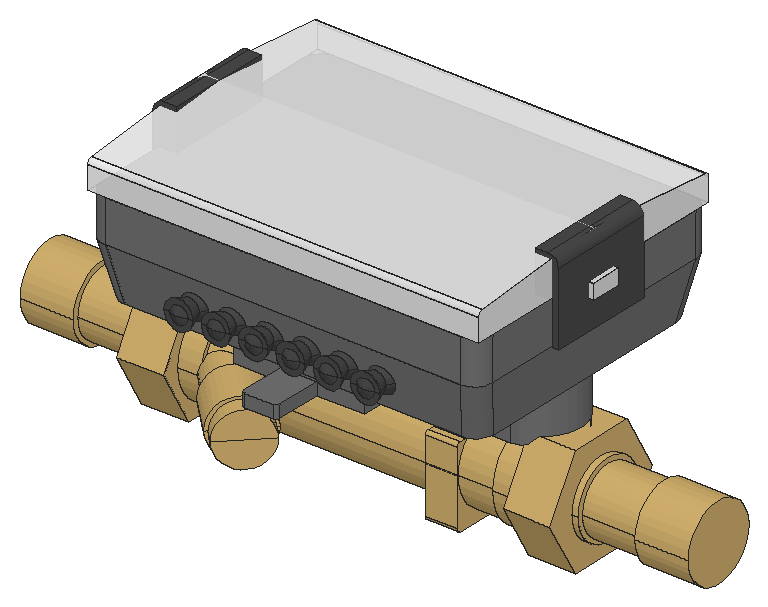
Revit family "SonoSensor30_DN15-DN20_RFA", category Pipe Accessories, Revit 2017
Family settings
  Round Connector Dimension = Use Diameter
  Part Type = Valve - Breaks Into
  Work Plane-Based = No
  Always vertical = Yes
  Cut with Voids When Loaded = No
  Shared = No
Parameters (values of type "SonoSensor30_DN15_G3/4_110mm")
  Weight = 0.80 kg
  URL = "https://store.danfoss.com/en/Climate-Solutions-for-heating/Energy-Meters/Flow-sensors/SonoSensor/c/6959"
  Pressure Drop [instance] = 0.0 Pa
  Operation Pressure = "PN16"  # constant formula
  Nominal Flow = "0.6m3/h, 1.5m3/h"
  Model Type = "SonoSensor30_DN15_G3/4_110mm"
  Model = "SonoSensor30"  # constant formula
  Max Flow = "1.2m3/h, 3.0m3/h"
  Manufacturer = "Danfoss"  # constant formula
  Lnut = 13.2 mm
  LOD 350 = not(LOD 200)  # yes
  LOD 200 = no
  L9 = 80.6 mm
  L8 = 9 mm
  L7 = 75.8 mm
  L3 = 49.2 mm
  L6 = 8 mm
  L5 = 15 mm
  L4 = 14 mm
  L2-1 = 48.8 mm
  L2 = 188 mm
  L10 = 49.2 mm
  L1-1 = 15.8 mm
  L1 = 122 mm
  L-1 = 9.8 mm
  L = 110 mm
  IfcExportType = "SonoSensor30"  # constant formula
  IfcExportAs = "IfcValveType"  # constant formula
  H1 = 28 mm
  H = 67 mm
  Flow [instance] = 0.0 L/s
  Description = "Flow Meter"  # constant formula
  D5 = 31 mm
  D4 = 18.5 mm
  D3 = 21 mm
  D2 = 26.3 mm
  D1 = 25 mm
  D = 15 mm
  Body Material = Danfoss Brass
  A_H = 41.2 mm
  A = 45.00°
Types (4, lengths in mm): name | Weight | Nominal Flow | Model Type | Max Flow | L9 | L8 | L7 | L3 | L6 | L5 | L4 | L2-1 | L2 | L10 | L1-1 | L1 | L-1 | L | D5 | D4 | D3 | D2 | D1 | D | A_H
  (no name) | 0.80 kg | "0.6m3/h, 1.5m3/h" | "SonoSensor30_DN15_G3/4_110mm" | "1.2m3/h, 3.0m3/h" | 80.6 | 9 | 75.8 | 49.2 | 8 | 15 | 14 | 48.8 | 188 | 49.2 | 15.8 | 122 | 9.8 | 110 | 31 | 18.5 | 21 | 26.3 | 25 | 15 | 41.2
  SonoSensor30_DN15_G3/4_110mm | 0.80 kg | "0.6m3/h, 1.5m3/h" | "SonoSensor30_DN15_G3/4_110mm" | "1.2m3/h, 3.0m3/h" | 80.6 | 9 | 75.8 | 49.2 | 8 | 15 | 14 | 48.8 | 188 | 49.2 | 15.8 | 122 | 9.8 | 110 | 31 | 18.5 | 21 | 26.3 | 25 | 15 | 41.2
  SonoSensor30_DN20_G1_130mm | 0.90 kg | "2.5 m3/h" | "SonoSensor30_DN20_G1_130mm" | "5.0m3/h" | 77 | 9.7 | 95.5 | 61 | 9 | 17 | 15 | 52 | 222 | 61 | 13.5 | 145 | 6 | 130 | 36 | 23.5 | 26 | 33.3 | 30 | 20 | 42.8
  SonoSensor30_DN20_G1_190mm | 1.00 kg | "2.5 m3/h" | "SonoSensor30_DN20_G1_190mm" | "5.0m3/h" | 130 | 9.7 | 147.2 | 83.7 | 9 | 17 | 17 | 57.3 | 282 | 103.4 | 18.8 | 205 | 11.3 | 190 | 36 | 23.5 | 26 | 33.3 | 31 | 20 | 42.8
Reference planes
  plane 1 "Center (Front/Back)": y = 0
  plane 2: z = 0
  plane 3 "Center (Left/Right)": x = 0
  plane 4 "A": x = -15.8
  plane 5 "B": x = 106.2
  plane 6: z = -12.5
  plane 7 "Ref-1": z = 12.5
  plane 8: y = -12.5
  plane 9: y = 12.5
  plane 10: x = 4.2
  plane 11: y = 0
  plane 12: y = -15.5
  plane 13: y = 15.5
  plane 14: z = -15.5
  plane 15: z = 15.5
  plane 16: z = 67
  plane 17: z = 28
  plane 18: x = -48.8
  plane 19: through (0, 0, 1200) normal (0.7071, 0.7071, 0)
  plane 20: x = -2.6
  plane 21: x = 93
  plane 22: x = 86.2
  plane 23: x = 139.2
  plane 24: x = -9.8
  plane 25: x = 100.2
  plane 26: x = -33.8
  plane 27: x = 124.2
  plane 28: x = -17.8
  plane 29: x = 108.2
  plane 30: through (0, 0, 1200) normal (-0.7071, 0.7071, 0)
  plane 31: x = 49.2
  plane 32: x = 8.9
  plane 33: x = 89.5
  plane 34: x = 75.8
  plane 35: x = 66.8
  plane 36: x = 49.2
Forms (mm)
  Extrusion 1, solid, material "Danfoss Brass" <- "Body Material", detail levels fine
    sketch origin (0, 0, 0) x (0, 1, 0) y (0, 0, 1)
      loop
        circle (0, 0) r 12.5
    from 4.2 to 86.2
  Extrusion 2, solid, material "Danfoss Brass" <- "Body Material", detail levels fine
    sketch origin (-15.8, 0, 0) x (0, 1, 0) y (0, 0, 1)
      loop
        line (-8.949, 15.5) -> (-17.898, 0) -> (-8.949, -15.5) -> (8.949, -15.5) -> (17.898, 0) -> (8.949, 15.5) -> (-8.949, 15.5)
    from 0 to 13.2 <- "Lnut"
  Extrusion 3, solid, material "Danfoss Brass" <- "Body Material", detail levels fine
    sketch origin (106.2, 0, 0) x (0, 1, 0) y (0, 0, 1)
      loop
        line (-8.949, 15.5) -> (-17.898, 0) -> (-8.949, -15.5) -> (8.949, -15.5) -> (17.898, 0) -> (8.949, 15.5) -> (-8.949, 15.5)
    from 0 to -13.2
  Extrusion 4, solid, material "Danfoss Brass" <- "Body Material", visible <- "LOD 350", detail levels fine
    sketch origin (0, 0, 0) x (0, 1, 0) y (0, 0, 1)
      loop
        circle (0, 0) r 13.15
    from -9.8 to 4.2
  Extrusion 5, solid, material "Danfoss Brass" <- "Body Material", visible <- "LOD 350", detail levels fine
    sketch origin (0, 0, 0) x (0, 1, 0) y (0, 0, 1)
      loop
        circle (0, 0) r 13.15
    from 86.2 to 100.2
  Extrusion 6, solid, material "Danfoss Brass" <- "Body Material", detail levels fine
    sketch origin (0, 0, 0) x (0, 1, 0) y (0, 0, 1)
      loop
        circle (0, 0) r 10.5
    from -48.8 to -33.8
  Extrusion 7, solid, material "Danfoss Brass" <- "Body Material", detail levels fine
    sketch origin (0, 0, 0) x (0, 1, 0) y (0, 0, 1)
      loop
        circle (0, 0) r 9.25
    from -33.8 to -17.8
  Extrusion 8, solid, material "Danfoss Brass" <- "Body Material", visible <- "LOD 350", detail levels fine
    sketch origin (0, 0, 0) x (0, 1, 0) y (0, 0, 1)
      loop
        circle (0, 0) r 10.5
    from -17.8 to -9.8
  Extrusion 9, solid, material "Danfoss Brass" <- "Body Material", detail levels fine
    sketch origin (0, 0, 0) x (0, 1, 0) y (0, 0, -1)
      loop
        circle (0, 0) r 10.5
    from -139.2 to -124.2
  Extrusion 10, solid, material "Danfoss Brass" <- "Body Material", detail levels fine
    sketch origin (0, 0, 0) x (0, 1, 0) y (0, 0, -1)
      loop
        circle (0, 0) r 9.25
    from -124.2 to -108.2
  Extrusion 11, solid, material "Danfoss Brass" <- "Body Material", visible <- "LOD 350", detail levels fine
    sketch origin (0, 0, 0) x (0, 1, 0) y (0, 0, -1)
      loop
        circle (0, 0) r 10.5
    from -108.2 to -100.2
  Revolve 12, solid, material "Danfoss Brass" <- "Body Material", visible <- "LOD 350", detail levels fine
    sketch origin (0, 0, 0) x (1, 0, 0) y (0, 1, 0)
      loop
        line (0, 0) -> (29.133, -29.133) -> (34.436, -23.829) -> (30.901, -20.294) -> (31.466, -19.728) -> (21.213, -9.475) -> (20.365, -10.324) -> (5.02, 5.02) -> (0, 0)
      axis (0, 0) -> (29.133, -29.133)
    angle from 0 to 360
  Extrusion 13, solid, material "Danfoss Plastic Dark Gray", detail levels fine
    sketch origin (0, 0, 0) x (1, 0, 0) y (0, 1, 0)
      loop
        arc (8.9, 11) -> (-2.1, 0) -> (8.9, -11) r 11
        line (8.9, -11) -> (89.5, -11)
        arc (89.5, -11) -> (100.5, 0) -> (89.5, 11) r 11
        line (89.5, 11) -> (8.9, 11)
    from 12.5 to 28
  Extrusion 14, solid, material "Danfoss Brass" <- "Body Material", visible <- "LOD 350", detail levels fine
    sketch origin (0, 0, 0) x (0, 1, 0) y (0, 0, 1)
      loop
        arc (-11.5, 8.053) -> (-12.207, 7.76) -> (-12.5, 7.053) r 1
        line (-12.5, 7.053) -> (-12.5, -13.5)
        arc (-12.5, -13.5) -> (-12.207, -14.207) -> (-11.5, -14.5) r 1
        line (-11.5, -14.5) -> (11.5, -14.5)
        arc (11.5, -14.5) -> (12.207, -14.207) -> (12.5, -13.5) r 1
        line (12.5, -13.5) -> (12.5, 7.053)
        arc (12.5, 7.053) -> (12.207, 7.76) -> (11.5, 8.053) r 1
        line (11.5, 8.053) -> (-11.5, 8.053)
    from 66.8 to 75.8
  Extrusion 15, solid, material "Danfoss Brass" <- "Body Material", visible <- "LOD 200", detail levels fine
    sketch origin (0, 0, 0) x (0, 1, 0) y (0, 0, 1)
      loop
        circle (0, 0) r 12.5
    from -17.8 to 108.2
  Revolve 16, solid, material "Danfoss Brass" <- "Body Material", visible <- "LOD 200", detail levels fine
    sketch origin (0, 0, 0) x (1, 0, 0) y (0, 1, 0)
      loop
        line (0, 0) -> (29.133, -29.133) -> (35.002, -23.264) -> (5.869, 5.869) -> (0, 0)
      axis (0, 0) -> (29.133, -29.133)
    angle from 0 to 360
Cuts and joins
  joined: Extrusion 1, Extrusion 2, Extrusion 3
Dimensions and locks
  equal spacing: plane 7 "Ref-1", level, plane 6
  "L1": plane 5 "B" to plane 4 "A"
  "D1": plane 7 "Ref-1" to plane 6
  equal spacing: plane 8, plane 1 "Center (Front/Back)", plane 9
  "D1": plane 8 to plane 9
  "H": plane 16 to level
  equal spacing: plane 12, plane 1 "Center (Front/Back)", plane 13
  equal spacing: plane 15, level, plane 14
  "D5": plane 15 to plane 14
  "D5": plane 12 to plane 13
  "H1": plane 17 to level
  "Lnut": plane 20 to plane 4 "A"
  "Lnut": plane 5 "B" to plane 21
  "L2-1": plane 3 "Center (Left/Right)" to plane 18
  "L1-1": plane 3 "Center (Left/Right)" to plane 4 "A"
  "L": plane 25 to plane 24
  "L-1": plane 3 "Center (Left/Right)" to plane 24
  "L2": plane 23 to plane 18
  "L5": plane 26 to plane 18
  "L5": plane 23 to plane 27
  "L6": plane 24 to plane 28
  "L6": plane 29 to plane 25
  "L4": plane 10 to plane 24
  "L4": plane 25 to plane 22
  locked: Revolve 12 sketch curve to plane 19 at 7.1
  "A_H": plane 30 to Revolve 12 sketch curve
  locked: Revolve 12 sketch curve to Revolve 12 sketch curve at 5
  locked: Revolve 12 sketch curve to Revolve 12 sketch curve at 14.5
  locked: Revolve 12 sketch curve to Revolve 12 sketch curve at 1.2
  locked: plane 19 to Revolve 12 sketch curve at 7.5
  "L3": plane 31 to plane 3 "Center (Left/Right)"
  equal spacing: plane 32, plane 31, plane 33
  "L9": plane 32 to plane 33
  equal spacing: Extrusion 13 sketch curve, plane 11, Extrusion 13 sketch curve
  Extrusion 13 sketch curve to Extrusion 13 sketch curve = 22 mm
  "L7": plane 34 to plane 3 "Center (Left/Right)"
  "L8": plane 34 to plane 35
  Extrusion 14 sketch curve to plane 2 = 8.053 mm
  equal spacing: Extrusion 3 sketch curve, plane 11, Extrusion 3 sketch curve  (x2)
  equal spacing: Extrusion 2 sketch curve, plane 11, Extrusion 2 sketch curve  (x2)
  Extrusion 14 sketch curve to plane 14 = 1 mm
  "D5": Extrusion 3 sketch curve to Extrusion 3 sketch curve
  "D5": Extrusion 2 sketch curve to Extrusion 2 sketch curve
  "L10": plane 36 to plane 3 "Center (Left/Right)"
  locked: Revolve 16 sketch curve to plane 19 at 8.3
  "A_H": plane 30 to Revolve 16 sketch curve
  "D1": diameter of Extrusion 1 sketch curve
  "D2": diameter of Extrusion 4 sketch curve
  "D2": diameter of Extrusion 5 sketch curve
  "D3": diameter of Extrusion 6 sketch curve
  "D4": diameter of Extrusion 7 sketch curve
  "D3": diameter of Extrusion 8 sketch curve
  "D3": diameter of Extrusion 9 sketch curve
  "D4": diameter of Extrusion 10 sketch curve
  "D3": diameter of Extrusion 11 sketch curve
  radius of Extrusion 13 sketch curve = 11 mm  (x2)
  radius of Extrusion 14 sketch curve = 1 mm  (x4)
  "D1": diameter of Extrusion 15 sketch curve
  "A": angle plane 19 to plane 11
  angle Extrusion 3 sketch curve to Extrusion 3 sketch curve = 120.00°  (x6)
  angle Extrusion 2 sketch curve to plane 15 = 120.00°
  angle Extrusion 2 sketch curve to Extrusion 2 sketch curve = 120.00°  (x4)
  locked: plane 19 to plane 30 (angle 90.00°)
  aligned and locked: level to plane 2
  aligned and locked: plane 10 to Extrusion 4
  aligned and locked: Extrusion 1 to plane 10
  aligned and locked: Extrusion 5 to plane 22
  aligned and locked: Extrusion 1 to Extrusion 4
  aligned and locked: plane 22 to Extrusion 1
  aligned and locked: Extrusion 6 to plane 18
  aligned and locked: plane 26 to Extrusion 6
  aligned and locked: Extrusion 7 to plane 26
  aligned and locked: plane 28 to Extrusion 7
  aligned and locked: Extrusion 8 to plane 28
  aligned and locked: plane 24 to Extrusion 8
  aligned and locked: Extrusion 4 to plane 24
  aligned and locked: plane 23 to Extrusion 9
  aligned and locked: Extrusion 9 to plane 27
  aligned and locked: plane 27 to Extrusion 10
  aligned and locked: Extrusion 10 to plane 29
  aligned and locked: plane 29 to Extrusion 11
  aligned and locked: Extrusion 11 to plane 25
  aligned and locked: Revolve 12 sketch curve to plane 30
  aligned and locked: Revolve 12 sketch curve to plane 19
  aligned and locked: Revolve 12 sketch curve to Revolve 12 sketch curve  (x2)
  aligned and locked: Extrusion 13 to plane 7 "Ref-1"
  aligned and locked: plane 25 to Extrusion 5
  aligned and locked: plane 17 to Extrusion 13
  aligned and locked: plane 11 to nested 1
  aligned and locked: Extrusion 2 sketch curve to plane 15
  aligned and locked: Extrusion 2 sketch curve to plane 14
  aligned and locked: plane 34 to Extrusion 14
  aligned and locked: Extrusion 14 to plane 35
  aligned and locked: Extrusion 15 to plane 28
  aligned and locked: plane 29 to Extrusion 15
  aligned and locked: Revolve 16 sketch curve to Revolve 16 sketch curve  (x2)
  aligned and locked: Revolve 16 sketch curve to plane 19
  aligned and locked: Revolve 16 sketch curve to plane 30
  aligned and locked: plane 36 to nested 1
  aligned and locked: plane 11 to nested 2
  aligned and locked: plane 17 to nested 1
  aligned and locked: plane 18 to nested 2
Automatic sketch dimensions
  Extrusion 13 sketch curve to plane 32 = 0 mm
  Extrusion 13 sketch curve to plane 33 = 0 mm
  Extrusion 13 sketch curve to Extrusion 13 sketch curve = 0 mm  (x2)
  Extrusion 14 sketch curve to plane 8 = 0 mm
  Extrusion 14 sketch curve to plane 9 = 0 mm
  Extrusion 1 sketch curve to level = 0 mm
  Extrusion 1 sketch curve to plane 1 "Center (Front/Back)" = 0 mm
  Extrusion 2 sketch curve to level = 0 mm
  Extrusion 3 sketch curve to level = 0 mm
  Extrusion 3 sketch curve to plane 15 = 0 mm
  Extrusion 3 sketch curve to plane 14 = 0 mm
  Extrusion 4 sketch curve to level = 0 mm
  Extrusion 4 sketch curve to plane 1 "Center (Front/Back)" = 0 mm
  Extrusion 5 sketch curve to level = 0 mm
  Extrusion 5 sketch curve to plane 1 "Center (Front/Back)" = 0 mm
  Extrusion 6 sketch curve to level = 0 mm
  Extrusion 6 sketch curve to plane 1 "Center (Front/Back)" = 0 mm
  Extrusion 7 sketch curve to level = 0 mm
  Extrusion 7 sketch curve to plane 1 "Center (Front/Back)" = 0 mm
  Extrusion 8 sketch curve to level = 0 mm
  Extrusion 8 sketch curve to plane 1 "Center (Front/Back)" = 0 mm
  Extrusion 9 sketch curve to level = 0 mm
  Extrusion 9 sketch curve to plane 1 "Center (Front/Back)" = 0 mm
  Extrusion 10 sketch curve to level = 0 mm
  Extrusion 10 sketch curve to plane 1 "Center (Front/Back)" = 0 mm
  Extrusion 11 sketch curve to level = 0 mm
  Extrusion 11 sketch curve to plane 1 "Center (Front/Back)" = 0 mm
  Revolve 12 sketch curve to Revolve 12 sketch curve = 5 mm
  Extrusion 15 sketch curve to level = 0 mm
  Extrusion 15 sketch curve to plane 1 "Center (Front/Back)" = 0 mm
  Revolve 16 sketch curve to Revolve 16 sketch curve = 5 mm
Nested families
  nested 1: "SonoSensor30_body" at (0, 0, 0), type "SonoSensor30", detail levels fine
  nested 2: "Schematic_Flow Meter" at (45.2, 0, 0), type "Schematic_Flow Meter", detail levels coarse+medium
Connectors
  piping at (139.2, 0, 0), diameter 15, driven by "D", driven by "Flow"
    settings: on Extrusion 9, index 1, connector inside diameter 609.6 mm, connector length 0 mm, flow factor 0, pipe flow 0.0 L/s, pressure drop 0.0 Pa, fitting loss kfactor 0, connector angle 0.00°, fixture units 0, engagement length 0 mm, angle of deflection 0.00°, flow configuration 0, flow direction 0, fitting loss method 0, system type 29, joint type 0, gender type 0, connector reference index 2, connector utility 0, adjustable connector no, is connector primary yes, connector description ""
  piping at (-48.8, 0, 0), diameter 15, driven by "D", driven by "Flow"
    settings: on Extrusion 6, index 2, connector inside diameter 609.6 mm, connector length 0 mm, flow factor 0, pipe flow 0.0 L/s, pressure drop 0.0 Pa, fitting loss kfactor 0, connector angle 0.00°, fixture units 0, engagement length 0 mm, angle of deflection 0.00°, flow configuration 0, flow direction 0, fitting loss method 0, system type 29, joint type 0, gender type 0, connector reference index 1, connector utility 0, adjustable connector no, is connector primary no, connector description ""
Definition of nested family "SonoSensor30_body"
  Parameters (values of type "SonoSensor30")
    W = 89.5 mm
    URL = ""
    Model Type = "SonoSensor30"  # constant formula
    Model = ""
    Manufacturer = "Danfoss"  # constant formula
    LOD 350 = not(LOD 200)  # yes
    LOD 200 = no
    L1 = 49.2 mm
    L = 117 mm
    IfcExportType = "SonoSensor30"  # constant formula
    IfcExportAs = "IfcValveType"  # constant formula
    H1 = 28 mm
    H = 67 mm
    Description = "Flow Meter"  # constant formula
  Reference planes
    plane 1 "Center (Front/Back)": y = 0
    plane 2: z = 0
    plane 3 "Center (Left/Right)": x = 0
    plane 4: y = 0
    plane 5 "Ref-4": z = 67
    plane 6 "Ref-1": z = 28
    plane 7: x = 49.2
    plane 8 "Ref-2": z = 43.5
    plane 9: x = -9.3
    plane 10: x = 107.7
    plane 11: x = -3.2
    plane 12: x = 101.6
    plane 13: x = -5.8
    plane 14: x = 104.2
    plane 15: x = -7.8
    plane 16: x = 106.2
    plane 17: y = -40.5
    plane 18: y = 40.5
    plane 19: y = -37
    plane 20: y = 37
    plane 21: z = 55.5
    plane 22: z = 63.2
    plane 23: x = 22.93
    plane 24: x = 75.43
    plane 25 "Ref-3": z = 36
    plane 26 "Ref-5": z = 65
    plane 27: y = -18.5
    plane 28: x = 46.6
    plane 29: x = 74.2
    plane 30: x = 24.2
    plane 31: y = 25.5
    plane 32: y = -49
    plane 33: z = 22.5
  Forms (mm)
    Blend 1, solid, visible <- "LOD 350"
      base sketch origin (0, 0, 28) x (-1, 0, 0) y (0, -1, 0)
        loop
          arc (-1.8, -37) -> (1.736, -35.536) -> (3.2, -32) r 5
          line (3.2, -32) -> (3.2, 32)
          arc (3.2, 32) -> (1.736, 35.536) -> (-1.8, 37) r 5
          line (-1.8, 37) -> (-96.6, 37)
          arc (-96.6, 37) -> (-100.136, 35.536) -> (-101.6, 32) r 5
          line (-101.6, 32) -> (-101.6, -32)
          arc (-101.6, -32) -> (-100.136, -35.536) -> (-96.6, -37) r 5
          line (-96.6, -37) -> (-1.8, -37)
      top sketch origin (0, 0, 28) x (-1, 0, 0) y (0, -1, 0)
        loop
          arc (0.8, -40.5) -> (4.336, -39.036) -> (5.8, -35.5) r 5
          line (5.8, -35.5) -> (5.8, 35.5)
          arc (5.8, 35.5) -> (4.336, 39.036) -> (0.8, 40.5) r 5
          line (0.8, 40.5) -> (-99.2, 40.5)
          arc (-99.2, 40.5) -> (-102.736, 39.036) -> (-104.2, 35.5) r 5
          line (-104.2, 35.5) -> (-104.2, -35.9)
          arc (-104.2, -35.9) -> (-102.853, -39.153) -> (-99.6, -40.5) r 4.6
          line (-99.6, -40.5) -> (0.8, -40.5)
      from 0 to 15.5
    Extrusion 2, solid, visible <- "LOD 350"
      sketch origin (0, 0, 0) x (0, 1, 0) y (0, 0, 1)
        loop
          line (-40.5, 55.5) -> (40.5, 55.5) -> (40.5, 61.954)
          arc (40.5, 61.954) -> (40.152, 62.914) -> (39.271, 63.429) r 1.5
          arc (39.271, 63.429) -> (0, 67) -> (-39.271, 63.429) r 217.722
          arc (-39.271, 63.429) -> (-40.152, 62.914) -> (-40.5, 61.954) r 1.5
          line (-40.5, 61.954) -> (-40.5, 55.5)
      from -5.8 to 104.2
    Extrusion 3, solid, visible <- "LOD 350"
      sketch origin (0, 0, 43.5) x (-1, 0, 0) y (0, -1, 0)
        loop
          arc (0.8, -40.5) -> (4.336, -39.036) -> (5.8, -35.5) r 5
          line (5.8, -35.5) -> (5.8, 35.5)
          arc (5.8, 35.5) -> (4.336, 39.036) -> (0.8, 40.5) r 5
          line (0.8, 40.5) -> (-99.2, 40.5)
          arc (-99.2, 40.5) -> (-102.736, 39.036) -> (-104.2, 35.5) r 5
          line (-104.2, 35.5) -> (-104.2, -35.9)
          arc (-104.2, -35.9) -> (-102.853, -39.153) -> (-99.6, -40.5) r 4.6
          line (-99.6, -40.5) -> (0.8, -40.5)
      from 0 to 12
    Extrusion 4, solid, visible <- "LOD 350"
      sketch origin (0, 0, 0) x (1, 0, 0) y (0, 0, 1)
        loop
          line (99.7, 67) -> (99.7, 43.5) -> (106.2, 43.5) -> (106.2, 64)
          arc (106.2, 64) -> (105.321, 66.121) -> (103.2, 67) r 3
          line (103.2, 67) -> (99.7, 67)
        loop
          line (-7.8, 64) -> (-7.8, 47) -> (-1.3, 47) -> (-1.3, 67) -> (-4.8, 67)
          arc (-4.8, 67) -> (-6.921, 66.121) -> (-7.8, 64) r 3
      from -15 to 15
    Extrusion 5, solid, visible <- "LOD 350"
      sketch origin (0, 0, 0) x (1, 0, 0) y (0, 0, 1)
        loop
          line (-9.3, 56.1) -> (-9.3, 51.7) -> (-7.8, 51.7) -> (-7.8, 56.1) -> (-9.3, 56.1)
        loop
          line (107.7, 56.1) -> (106.2, 56.1) -> (106.2, 51.7) -> (107.7, 51.7) -> (107.7, 56.1)
      from -4.5 to 4.5
    Revolve 6, solid, visible <- "LOD 350"
      sketch origin (0, 0, 36) x (-1, 0, 0) y (0, -1, 0)
        loop
          line (-20.12, 40.901) -> (-18.839, 44.5) -> (-20.43, 44.5) -> (-22.93, 45.48) -> (-22.93, 37) -> (-18.43, 37) -> (-20.12, 40.901)
        axis (-22.93, 37) -> (-22.93, 45.48)
      angle from 0 to 360
    Revolve 7, solid, visible <- "LOD 350"
      sketch origin (52.5, 0, 36) x (-1, 0, 0) y (0, -1, 0)
        loop
          line (-20.12, 40.901) -> (-18.839, 44.5) -> (-20.43, 44.5) -> (-22.93, 45.48) -> (-22.93, 37) -> (-18.43, 37) -> (-20.12, 40.901)
        axis (-22.93, 37) -> (-22.93, 45.48)
      angle from 0 to 360
    Revolve 8, solid, visible <- "LOD 350"
      sketch origin (10.5, 0, 36) x (-1, 0, 0) y (0, -1, 0)
        loop
          line (-20.12, 40.901) -> (-18.839, 44.5) -> (-20.43, 44.5) -> (-22.93, 45.48) -> (-22.93, 37) -> (-18.43, 37) -> (-20.12, 40.901)
        axis (-22.93, 37) -> (-22.93, 45.48)
      angle from 0 to 360
    Revolve 9, solid, visible <- "LOD 350"
      sketch origin (21, 0, 36) x (-1, 0, 0) y (0, -1, 0)
        loop
          line (-20.12, 40.901) -> (-18.839, 44.5) -> (-20.43, 44.5) -> (-22.93, 45.48) -> (-22.93, 37) -> (-18.43, 37) -> (-20.12, 40.901)
        axis (-22.93, 37) -> (-22.93, 45.48)
      angle from 0 to 360
    Revolve 10, solid, visible <- "LOD 350"
      sketch origin (31.5, 0, 36) x (-1, 0, 0) y (0, -1, 0)
        loop
          line (-20.12, 40.901) -> (-18.839, 44.5) -> (-20.43, 44.5) -> (-22.93, 45.48) -> (-22.93, 37) -> (-18.43, 37) -> (-20.12, 40.901)
        axis (-22.93, 37) -> (-22.93, 45.48)
      angle from 0 to 360
    Revolve 11, solid, visible <- "LOD 350"
      sketch origin (42, 0, 36) x (-1, 0, 0) y (0, -1, 0)
        loop
          line (-20.12, 40.901) -> (-18.839, 44.5) -> (-20.43, 44.5) -> (-22.93, 45.48) -> (-22.93, 37) -> (-18.43, 37) -> (-20.12, 40.901)
        axis (-22.93, 37) -> (-22.93, 45.48)
      angle from 0 to 360
    Extrusion 12, solid, visible <- "LOD 350"
      sketch origin (0, 0, 28) x (-1, 0, 0) y (0, -1, 0)
        loop
          line (-15.3, -15.5) -> (-22.2, -15.5) -> (-22.2, -25.5)
          arc (-22.2, -25.5) -> (-24.2, -27.5) -> (-26.2, -25.5) r 2
          line (-26.2, -25.5) -> (-26.2, -15.5) -> (-33.1, -15.5) -> (-33.1, -32.9) -> (-15.3, -32.9) -> (-15.3, -15.5)
        loop
          line (-65.3, -15.5) -> (-72.2, -15.5) -> (-72.2, -25.5)
          arc (-72.2, -25.5) -> (-74.2, -27.5) -> (-76.2, -25.5) r 2
          line (-76.2, -25.5) -> (-76.2, -15.5) -> (-83.1, -15.5) -> (-83.1, -32.9) -> (-65.3, -32.9) -> (-65.3, -15.5)
      from 0 to -5.5
    Extrusion 13, solid, visible <- "LOD 350"
      sketch origin (0, 0, 28) x (-1, 0, 0) y (0, -1, 0)
        loop
          line (-30.8, 35) -> (-67.6, 35) -> (-67.6, 16.3) -> (-30.8, 16.3) -> (-30.8, 35)
      from 0 to -5.5
    Extrusion 14, solid, visible <- "LOD 350"
      sketch origin (0, 0, 28) x (-1, 0, 0) y (0, -1, 0)
        loop
          arc (-44.2, 48) -> (-44.493, 48.707) -> (-45.2, 49) r 1
          line (-45.2, 49) -> (-53.2, 49)
          arc (-53.2, 49) -> (-53.907, 48.707) -> (-54.2, 48) r 1
          line (-54.2, 48) -> (-54.2, 35) -> (-44.2, 35) -> (-44.2, 48)
      from -2 to -5.5
    Extrusion 15, solid, visible <- "LOD 200"
      sketch origin (0, 0, 0) x (1, 0, 0) y (0, 0, 1)
        loop
          line (-9.3, 67) -> (-9.3, 22.5) -> (107.7, 22.5) -> (107.7, 67) -> (-9.3, 67)
      from 49 to -40.5
  Cuts and joins
    joined: Extrusion 13, Extrusion 14
  Dimensions and locks
    "H": plane 5 "Ref-4" to level
    "H1": plane 6 "Ref-1" to level
    "L1": plane 7 to plane 3 "Center (Left/Right)"
    equal spacing: plane 10, plane 7, plane 9
    "L": plane 10 to plane 9
    equal spacing: plane 16, plane 7, plane 15
    plane 16 to plane 15 = 114 mm
    equal spacing: plane 14, plane 7, plane 13
    plane 14 to plane 13 = 110 mm
    equal spacing: plane 12, plane 7, plane 11
    plane 12 to plane 11 = 104.8 mm
    locked: plane 21 to plane 8 "Ref-2" at 12
    locked: plane 8 "Ref-2" to plane 6 "Ref-1" at 15.5
    plane 5 "Ref-4" to plane 22 = 3.8 mm
    plane 5 "Ref-4" to Extrusion 4 sketch curve = 20 mm
    Extrusion 4 sketch curve to Extrusion 4 sketch curve = 6.5 mm
    locked: plane 21 to Extrusion 5 sketch curve at 3.8  (x2)
    locked: Extrusion 5 sketch curve to plane 21 at 0.6  (x2)
    locked: plane 23 to plane 7 at 26.27
    locked: plane 25 "Ref-3" to plane 6 "Ref-1" at 8
    locked: plane 23 to plane 24 at 52.5
    locked: plane 28 to plane 7 at 2.6
    locked: plane 27 to plane 1 "Center (Front/Back)" at 18.5
    plane 5 "Ref-4" to plane 26 "Ref-5" = 2 mm
    equal spacing: plane 30, plane 7, plane 29
    locked: plane 30 to plane 29 at 50
    locked: plane 4 to plane 31 at 25.5
    locked: plane 32 to plane 4 at 49
    locked: plane 31 to Extrusion 12 sketch curve at 7.4  (x2)
    locked: Extrusion 12 sketch curve to plane 31 at 10  (x2)
    locked: Extrusion 12 sketch curve to plane 30 at 8.9
    locked: plane 30 to Extrusion 12 sketch curve at 8.9
    locked: Extrusion 12 sketch curve to plane 29 at 8.9
    locked: plane 29 to Extrusion 12 sketch curve at 8.9
    equal spacing: Extrusion 13 sketch curve, plane 7, Extrusion 13 sketch curve
    Extrusion 13 sketch curve to Extrusion 13 sketch curve = 36.8 mm
    plane 19 to Extrusion 13 sketch curve = 20.7 mm
    plane 19 to Extrusion 13 sketch curve = 2 mm
    "W": plane 32 to plane 18
    locked: plane 6 "Ref-1" to plane 33 at 5.5
    radius of Extrusion 2 sketch curve = 1.5 mm  (x2)
    radius of Extrusion 2 sketch curve = 217.722 mm
    radius of Extrusion 3 sketch curve = 5 mm  (x3)
    radius of Extrusion 3 sketch curve = 4.6 mm
    radius of Blend 1 sketch curve = 5 mm  (x7)
    radius of Blend 1 sketch curve = 4.6 mm
    radius of Extrusion 12 sketch curve = 2 mm  (x2)
    radius of Extrusion 14 sketch curve = 1 mm  (x2)
    angle Revolve 6 sketch curve to Revolve 6 sketch curve = 136.996°
    angle Revolve 6 sketch curve to Revolve 6 sketch curve = 158.599°
    angle Revolve 7 sketch curve to Revolve 7 sketch curve = 136.996°
    angle Revolve 7 sketch curve to Revolve 7 sketch curve = 158.599°
    angle Revolve 8 sketch curve to Revolve 8 sketch curve = 136.996°
    angle Revolve 8 sketch curve to Revolve 8 sketch curve = 158.599°
    angle Revolve 9 sketch curve to Revolve 9 sketch curve = 136.996°
    angle Revolve 9 sketch curve to Revolve 9 sketch curve = 158.599°
    angle Revolve 10 sketch curve to Revolve 10 sketch curve = 136.996°
    angle Revolve 10 sketch curve to Revolve 10 sketch curve = 158.599°
    angle Revolve 11 sketch curve to Revolve 11 sketch curve = 136.996°
    angle Revolve 11 sketch curve to Revolve 11 sketch curve = 158.599°
    aligned and locked: level to plane 2
    aligned and locked: plane 20 to Blend 1 sketch curve
    aligned and locked: plane 11 to Blend 1 sketch curve
    aligned and locked: Blend 1 sketch curve to plane 19
    aligned and locked: Blend 1 sketch curve to plane 12
    aligned and locked: plane 18 to Blend 1 sketch curve
    aligned and locked: plane 13 to Blend 1 sketch curve
    aligned and locked: Blend 1 sketch curve to plane 17
    aligned and locked: Blend 1 sketch curve to plane 14
    aligned and locked: plane 8 "Ref-2" to Blend 1
    aligned and locked: Extrusion 2 sketch curve to plane 21
    aligned and locked: Extrusion 2 sketch curve to plane 17
    aligned and locked: Extrusion 2 sketch curve to plane 18
    aligned and locked: Extrusion 3 sketch curve to Blend 1  (x4)
    aligned and locked: plane 21 to Extrusion 3
    aligned and locked: Extrusion 2 to plane 13
    aligned and locked: plane 14 to Extrusion 2
    aligned and locked: Extrusion 4 sketch curve to plane 5 "Ref-4"  (x2)
    aligned and locked: Extrusion 4 sketch curve to plane 15
    aligned and locked: Extrusion 4 sketch curve to plane 16
    aligned and locked: Extrusion 4 sketch curve to plane 8 "Ref-2"
    aligned and locked: Extrusion 5 sketch curve to plane 9
    aligned and locked: Extrusion 5 sketch curve to plane 15
    aligned and locked: Extrusion 5 sketch curve to plane 10
    aligned and locked: Extrusion 5 sketch curve to plane 16
    aligned and locked: Revolve 6 sketch curve to Revolve 6 sketch curve  (x2)
    aligned and locked: Revolve 7 sketch curve to Revolve 7 sketch curve  (x2)
    aligned and locked: Revolve 8 sketch curve to Revolve 8 sketch curve  (x2)
    aligned and locked: Revolve 9 sketch curve to Revolve 9 sketch curve  (x2)
    aligned and locked: Revolve 10 sketch curve to Revolve 10 sketch curve  (x2)
    aligned and locked: Revolve 11 sketch curve to Revolve 11 sketch curve  (x2)
    aligned and locked: Extrusion 14 sketch curve to plane 32
    aligned and locked: Extrusion 13 to Extrusion 14 sketch curve
    aligned and locked: Extrusion 12 to cut or joined group of Extrusion 13, Extrusion 14
    aligned and locked: Extrusion 12 to Extrusion 13
    aligned and locked: Extrusion 12 to Extrusion 14
    aligned and locked: Extrusion 14 to Extrusion 13
    aligned and locked: Extrusion 15 sketch curve to plane 5 "Ref-4"
    aligned and locked: plane 9 to Extrusion 15 sketch curve
    aligned and locked: plane 33 to Extrusion 15 sketch curve
    aligned and locked: Extrusion 15 sketch curve to plane 10
    aligned and locked: Extrusion 15 to plane 18
    aligned and locked: plane 32 to Extrusion 15
  Automatic sketch dimensions
    Extrusion 2 sketch curve to plane 1 "Center (Front/Back)" = 0 mm
    Extrusion 2 sketch curve to Extrusion 2 sketch curve = 0 mm  (x2)
    plane 22 to Extrusion 2 sketch curve = 0.229 mm
    plane 13 to Extrusion 4 sketch curve = 1 mm
    Extrusion 4 sketch curve to plane 14 = 1 mm
    Extrusion 4 sketch curve to plane 12 = 1.9 mm
    plane 31 to Extrusion 12 sketch curve = 0 mm  (x2)
    Extrusion 12 sketch curve to plane 29 = 0 mm
    Extrusion 12 sketch curve to plane 30 = 0 mm
    Extrusion 12 sketch curve to Extrusion 12 sketch curve = 0 mm
    plane 31 to Extrusion 12 sketch curve = 10 mm
    plane 7 to Extrusion 14 sketch curve = 5 mm
    Extrusion 14 sketch curve to plane 28 = 1.4 mm
    Revolve 11 sketch curve to Revolve 11 sketch curve = 2.5 mm
    Revolve 11 sketch curve to Revolve 11 sketch curve = 0.31 mm
    Revolve 11 sketch curve to Revolve 11 sketch curve = 1.59 mm
    Revolve 11 sketch curve to Revolve 11 sketch curve = 1.69 mm
    Revolve 11 sketch curve to Revolve 11 sketch curve = 3.901 mm
    Revolve 11 sketch curve to Revolve 11 sketch curve = 0 mm
    Revolve 6 sketch curve to Revolve 6 sketch curve = 2.5 mm
    Revolve 6 sketch curve to Revolve 6 sketch curve = 0.31 mm
    Revolve 6 sketch curve to Revolve 6 sketch curve = 1.59 mm
    Revolve 6 sketch curve to Revolve 6 sketch curve = 1.69 mm
    Revolve 6 sketch curve to Revolve 6 sketch curve = 3.901 mm
    Revolve 6 sketch curve to Revolve 6 sketch curve = 0 mm
    Revolve 7 sketch curve to Revolve 7 sketch curve = 2.5 mm
    Revolve 7 sketch curve to Revolve 7 sketch curve = 0.31 mm
    Revolve 7 sketch curve to Revolve 7 sketch curve = 1.59 mm
    Revolve 7 sketch curve to Revolve 7 sketch curve = 1.69 mm
    Revolve 7 sketch curve to Revolve 7 sketch curve = 3.901 mm
    Revolve 7 sketch curve to Revolve 7 sketch curve = 0 mm
    Revolve 8 sketch curve to Revolve 8 sketch curve = 2.5 mm
    Revolve 8 sketch curve to Revolve 8 sketch curve = 0.31 mm
    Revolve 8 sketch curve to Revolve 8 sketch curve = 1.59 mm
    Revolve 8 sketch curve to Revolve 8 sketch curve = 1.69 mm
    Revolve 8 sketch curve to Revolve 8 sketch curve = 3.901 mm
    Revolve 8 sketch curve to Revolve 8 sketch curve = 0 mm
    Revolve 9 sketch curve to Revolve 9 sketch curve = 2.5 mm
    Revolve 9 sketch curve to Revolve 9 sketch curve = 0.31 mm
    Revolve 9 sketch curve to Revolve 9 sketch curve = 1.59 mm
    Revolve 9 sketch curve to Revolve 9 sketch curve = 1.69 mm
    Revolve 9 sketch curve to Revolve 9 sketch curve = 3.901 mm
    Revolve 9 sketch curve to Revolve 9 sketch curve = 0 mm
    Revolve 10 sketch curve to Revolve 10 sketch curve = 2.5 mm
    Revolve 10 sketch curve to Revolve 10 sketch curve = 0.31 mm
    Revolve 10 sketch curve to Revolve 10 sketch curve = 1.59 mm
    Revolve 10 sketch curve to Revolve 10 sketch curve = 1.69 mm
    Revolve 10 sketch curve to Revolve 10 sketch curve = 3.901 mm
    Revolve 10 sketch curve to Revolve 10 sketch curve = 0 mm
    Revolve 6 sketch curve to plane 23 = 0 mm
    plane 19 to Revolve 6 sketch curve = 0 mm
    Revolve 7 sketch curve to plane 24 = 0 mm
    plane 19 to Revolve 7 sketch curve = 0 mm
    plane 19 to Revolve 8 sketch curve = 0 mm
    plane 30 to Revolve 8 sketch curve = 9.23 mm
    plane 19 to Revolve 9 sketch curve = 0 mm
    Revolve 9 sketch curve to plane 28 = 2.67 mm
    plane 19 to Revolve 10 sketch curve = 0 mm
    plane 7 to Revolve 10 sketch curve = 5.23 mm
    plane 19 to Revolve 11 sketch curve = 0 mm
    Revolve 11 sketch curve to plane 29 = 9.27 mm
Definition of nested family "Schematic_Flow Meter"
  Parameters (values of type "Schematic_Flow Meter")
    Word_space = Word_H / 6  # 24.889 mm
    Word_H = R1 * 2 / 3  # 149.333 mm
    L = 883 mm
    R1 = H / 3  # 224 mm
    H = 672 mm
    D = 700 mm
  Reference planes
    plane 1 "Center (Front/Back)": y = 0
    plane 2: z = 0
    plane 3 "Center (Left/Right)": x = 0
    plane 4: x = 441.5
    plane 5: x = -441.5
    plane 6: y = 350
    plane 7: y = -350
    plane 8: y = 448
    plane 9: y = 224
    plane 10: y = 597.333
    plane 11: y = 298.667
    plane 12: x = -149.333
    plane 13: x = 149.333
    plane 14: x = -24.889
    plane 15: x = 24.889
    plane 16: x = 87.111
    plane 17: y = 672
    plane 18: z = 350
    plane 19: z = -350
    plane 20: z = 448
    plane 21: z = 672
    plane 22: z = 224
    plane 23: z = 597.333
    plane 24: z = 298.667
  Lines and regions (mm)
    model lines
      curve 1: line (441.5, 0, 0) -> (-441.5, 0, 0)
      curve 2: line (0, 0, 0) -> (0, 0, 224)
      curve 3: circle (0, 0, 448) r 224 normal (0, -1, 0)
      curve 4: line (-149.333, 0, 597.333) -> (-24.889, 0, 597.333)
      curve 5: line (-149.333, 0, 597.333) -> (-149.333, 0, 298.667)
      curve 6: line (-149.333, 0, 448) -> (-24.889, 0, 448)
      curve 7: line (24.889, 0, 298.667) -> (24.889, 0, 597.333)
      curve 8: line (24.889, 0, 597.333) -> (87.111, 0, 448)
      curve 9: line (87.111, 0, 448) -> (149.333, 0, 597.333)
      curve 10: line (149.333, 0, 597.333) -> (149.333, 0, 298.667)
    symbolic lines
      curve 11: line (441.5, 0, 0) -> (-441.5, 0, 0)
      curve 12: line (0, 0, 0) -> (0, 224, 0)
      curve 13: circle (0, 448, 0) r 224 normal (0, 0, 1)
      curve 14: line (-149.333, 597.333, 0) -> (-149.333, 298.667, 0)
      curve 15: line (-149.333, 597.333, 0) -> (-24.889, 597.333, 0)
      curve 16: line (-149.333, 448, 0) -> (-24.889, 448, 0)
      curve 17: line (24.889, 298.667, 0) -> (24.889, 597.333, 0)
      curve 18: line (24.889, 597.333, 0) -> (87.111, 448, 0)
      curve 19: line (87.111, 448, 0) -> (149.333, 597.333, 0)
      curve 20: line (149.333, 597.333, 0) -> (149.333, 298.667, 0)
  Dimensions and locks
    equal spacing: plane 5, plane 3 "Center (Left/Right)", plane 4
    "L": plane 5 to plane 4
    equal spacing: plane 7, plane 1 "Center (Front/Back)", plane 6
    "D": plane 7 to plane 6
    "R1": plane 9 to plane 8
    equal spacing: plane 11, plane 8, plane 10
    "Word_H": plane 8 to plane 10
    equal spacing: plane 12, plane 3 "Center (Left/Right)", plane 13
    "Word_H": plane 12 to plane 3 "Center (Left/Right)"
    equal spacing: plane 14, plane 3 "Center (Left/Right)", plane 15
    "Word_space": plane 14 to plane 3 "Center (Left/Right)"
    equal spacing: plane 15, plane 16, plane 13
    equal spacing: plane 9, plane 8, plane 17
    equal spacing: plane 23, plane 20, plane 24
    "Word_H": plane 23 to plane 20
    equal spacing: plane 21, plane 20, plane 22
    "R1": plane 20 to plane 22
    equal spacing: plane 18, plane 2, plane 19
    "D": plane 18 to plane 19
    "H": plane 21 to plane 2
    "H": plane 1 "Center (Front/Back)" to plane 17
    "R1": radius of curve 13
    "R1": radius of curve 3
    aligned and locked: level to plane 2
    aligned and locked: plane 22 to curve 2
    aligned and locked: plane 2 to curve 1
    aligned and locked: curve 11 to plane 1 "Center (Front/Back)"
  Automatic sketch dimensions
    curve 1 to plane 5 = 0 mm
    curve 6 to plane 12 = 0 mm
    curve 4 to plane 14 = 0 mm
    curve 6 to plane 14 = 0 mm
    curve 2 to plane 3 "Center (Left/Right)" = 0 mm
    curve 3 to plane 3 "Center (Left/Right)" = 0 mm
    curve 7 to plane 15 = 0 mm
    curve 8 to plane 16 = 0 mm
    curve 10 to plane 13 = 0 mm
    curve 1 to plane 4 = 0 mm
    curve 7 to plane 24 = 0 mm
    curve 10 to plane 24 = 0 mm
    curve 5 to plane 24 = 0 mm
    curve 6 to plane 20 = 0 mm
    curve 8 to plane 20 = 0 mm
    curve 8 to plane 23 = 0 mm
    curve 4 to plane 23 = 0 mm
    curve 9 to plane 23 = 0 mm
    curve 11 to plane 5 = 0 mm
    plane 11 to curve 14 = 0 mm
    curve 14 to plane 12 = 0 mm
    plane 8 to curve 16 = 0 mm
    curve 16 to plane 12 = 0 mm
    plane 10 to curve 15 = 0 mm
    curve 15 to plane 14 = 0 mm
    curve 16 to plane 14 = 0 mm
    curve 12 to plane 3 "Center (Left/Right)" = 0 mm
    curve 13 to plane 3 "Center (Left/Right)" = 0 mm
    plane 10 to curve 18 = 0 mm
    curve 18 to plane 15 = 0 mm
    plane 8 to curve 18 = 0 mm
    curve 18 to plane 16 = 0 mm
    plane 11 to curve 20 = 0 mm
    curve 20 to plane 13 = 0 mm
    curve 11 to plane 4 = 0 mm
    plane 9 to curve 12 = 0 mm
    plane 11 to curve 17 = 0 mm
    plane 10 to curve 19 = 0 mm
